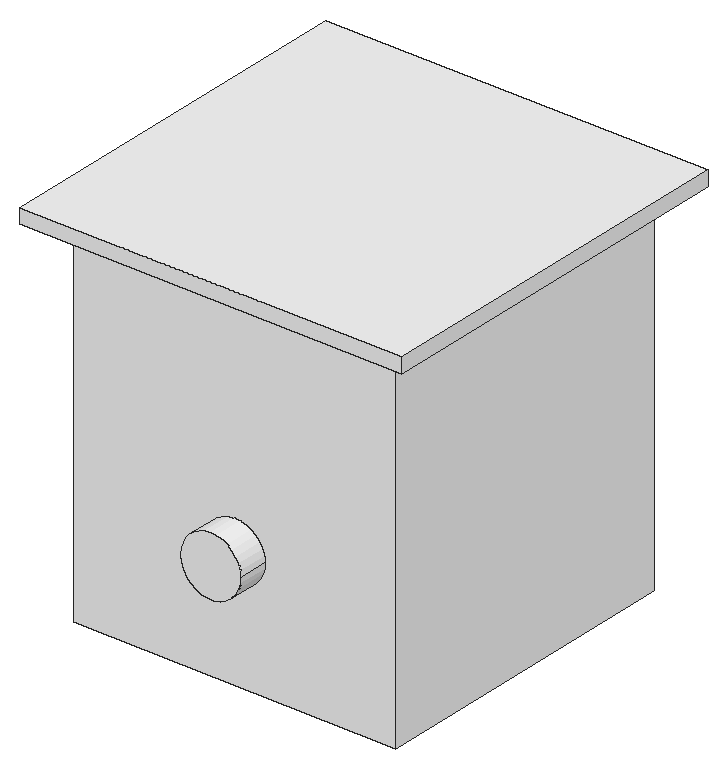
Revit family "Plumbing Fixture-Grease_Interseptor_Mifab_MI-SOLID-M", category Plumbing Fixtures, host Face, Revit 2013
Parameters
  Water Capacity = "5.00 Gallons"
  WFU = 0
  URL = "www.mifab.com"
  Model = "MI-SOLID-M"
  Manufacturer = "MIFAB"
  Interceptor Material = Acid Resistant Epoxy Coated Green
  Grease Capacity = "50 lbs"
  Flow Rate = "20 GPM"
  Description = "Medium Solid Interceptor"
  Default Elevation = 0"
  Assembly Code = "D2090300"
Reference planes (in)
  plane 1 "Center (Front/Back)": y = 0
  plane 2: z = 0
  plane 3 "Center (Left/Right)": x = 0
  plane 4: x = -6.375
  plane 5: y = -6.375
  plane 6: y = 6.375
  plane 7: x = 6.375
  plane 8: z = -8.5
  plane 9: z = -12.5
  plane 10: z = -0.1345
Forms (in)
  Extrusion 1, solid, material "Acid Resistant Epoxy Coated Green" <- "Interceptor Material"
    sketch origin (0, 0, 0) x (1, 0, 0) y (0, 1, 0)
      loop
        line (-6.375, 6.375) -> (-6.375, -6.375) -> (6.375, -6.375) -> (6.375, 6.375) -> (-6.375, 6.375)
    from 0 to -0.5
  Extrusion 2, solid, material "Acid Resistant Epoxy Coated Green" <- "Interceptor Material"
    sketch origin (0, 0, 0) x (1, 0, 0) y (0, 1, 0)
      loop
        line (-5.375, 5.375) -> (-5.375, -5.375) -> (5.375, -5.375) -> (5.375, 5.375) -> (-5.375, 5.375)
    from 0 to -12.5
  Extrusion 3, solid, material "Acid Resistant Epoxy Coated Green" <- "Interceptor Material"
    sketch origin (0, 0, 0) x (1, 0, 0) y (0, 0, 1)
      loop
        circle (0, -8.5) r 1
    from 0 to 6.375
  Extrusion 4, solid, material "Acid Resistant Epoxy Coated Green" <- "Interceptor Material"
    sketch origin (0, 0, 0) x (1, 0, 0) y (0, 0, 1)
      loop
        circle (-0.02391, -4) r 1
    from 0 to -6.375
Cuts and joins
  joined: Extrusion 1, Extrusion 2, Extrusion 3, Extrusion 4
Lines and regions (in)
  model lines
    curve 1: line (-6.375, 6.375, 0) -> (6.375, 6.375, 0)
    curve 2: line (-6.375, -6.375, 0) -> (-6.375, 6.375, 0)
    curve 3: line (6.375, -6.375, 0) -> (-6.375, -6.375, 0)
    curve 4: line (6.375, 6.375, 0) -> (6.375, -6.375, 0)
    curve 5: line (-6.375, 6.375, 0) -> (6.375, 6.375, 0)
    curve 6: line (-6.375, -6.375, 0) -> (-6.375, 6.375, 0)
    curve 7: line (6.375, -6.375, 0) -> (-6.375, -6.375, 0)
    curve 8: line (6.375, 6.375, 0) -> (6.375, -6.375, 0)
Dimensions and locks (in)
  equal spacing: plane 4, plane 3 "Center (Left/Right)", plane 7
  equal spacing: plane 6, plane 1 "Center (Front/Back)", plane 5
  equal spacing: Extrusion 2 sketch curve, plane 3 "Center (Left/Right)", Extrusion 2 sketch curve
  equal spacing: Extrusion 2 sketch curve, plane 1 "Center (Front/Back)", Extrusion 2 sketch curve
  Extrusion 2 sketch curve to plane 6 = 1"
  plane 4 to Extrusion 2 sketch curve = 1"
  locked: host face to plane 10 at 0.1345
  host face to Extrusion 4 sketch curve = 4"
  locked: plane 6 to plane 5 at 12.75
  locked: plane 4 to plane 7 at 12.75
  locked: host face to plane 9 at 12.5
  locked: host face to plane 8 at 8.5
  diameter of Extrusion 4 sketch curve = 2"
  diameter of cut or joined group of Extrusion 1, Extrusion 2, Extrusion 3, Extrusion 4 = 2"
  aligned and locked: plane 2 to host face
  aligned and locked: level to host face
  aligned and locked: Extrusion 1 sketch curve to plane 6
  aligned and locked: plane 4 to Extrusion 1 sketch curve
  aligned and locked: plane 5 to Extrusion 1 sketch curve
  aligned and locked: Extrusion 1 sketch curve to plane 7
  aligned and locked: Extrusion 3 to plane 5
  aligned and locked: Extrusion 3 to cut or joined group of Extrusion 1, Extrusion 2, Extrusion 3, Extrusion 4
  aligned and locked: curve 1 to plane 6
  aligned and locked: plane 4 to curve 2
  aligned and locked: plane 5 to curve 3
  aligned and locked: curve 4 to plane 7
  aligned and locked: Extrusion 3 to plane 1 "Center (Front/Back)"
  aligned and locked: plane 6 to Extrusion 4
  aligned and locked: Extrusion 2 to plane 9
Automatic sketch dimensions
  host sketch curve to host sketch curve = 40.79506"
  host sketch curve to host sketch curve = 40.21657"
  Extrusion 3 sketch curve to plane 3 "Center (Left/Right)" = 0"
  Extrusion 3 sketch curve to plane 8 = 0"
  Extrusion 4 sketch curve to plane 3 "Center (Left/Right)" = 0.02391"
  radius of Extrusion 3 sketch curve = 1"
Connectors (in)
  piping at (0, -6.375, -8.5)
    settings: on cut or joined group of Extrusion 1, Extrusion 2, Extrusion 3, Extrusion 4, index 2, connector radius 1", flow factor 0, pipe flow 0 GPM, pressure drop 0.00 psi, fitting loss kfactor 0, connector angle 0.00°, fixture units 0, engagement length 0", flow configuration 0, flow direction 2, fitting loss method 0, system type 16, joint type 0, gender type 0, connector reference index -1, connector utility 0, adjustable connector no, is connector primary yes, fitting loss table "", connector description "Out"
  piping at (-0.02391, 6.375, -4)
    settings: on cut or joined group of Extrusion 1, Extrusion 2, Extrusion 3, Extrusion 4, index 3, connector radius 1", flow factor 0, pipe flow 0 GPM, pressure drop 0.00 psi, fitting loss kfactor 0, connector angle 0.00°, fixture units 0, engagement length 0", flow configuration 0, flow direction 1, fitting loss method 0, system type 16, joint type 0, gender type 0, connector reference index -1, connector utility 0, adjustable connector no, is connector primary no, fitting loss table "", connector description "In"
